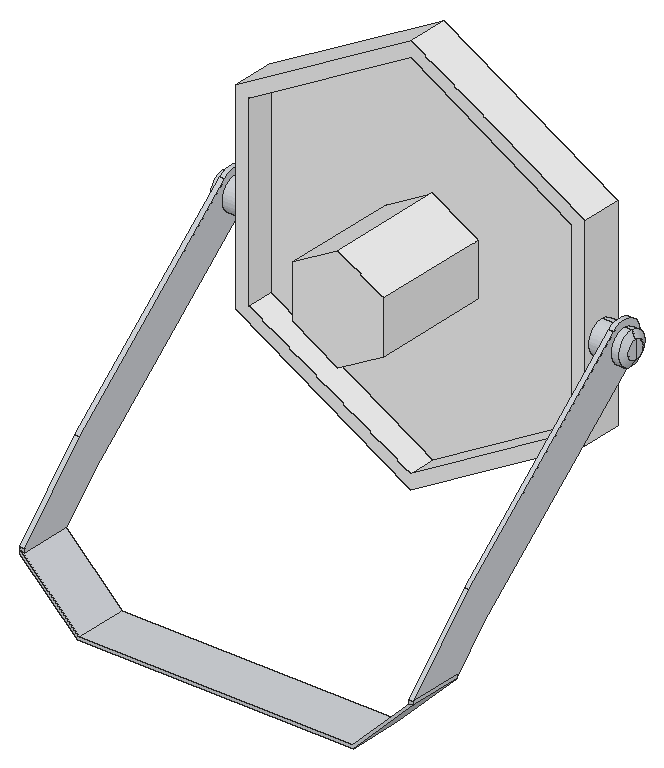
Revit family "Lighting-Proiezione-GEWISS-ESALITE-FL-PROIETTORI-LED_12K_DALI", category Apparecchi per illuminazione, host Superficie, Revit 2019 (continued)
Types (12, lengths in mm): name | Versioni | Temperatura di colore: | Scheda Tecnica | Ottica | built-in parameter 1150142 | Modello | Lumen output (lm) | IDT | Flusso nominale (lm) | File diagramma fotometrico | Descrizione
  GWS6425GD30K - ESALITE 12K ELL.3000K PRO+V GR.DALI | "Luce calda 3000K" | "3000 K (CRI>80)" | "https://www.gewiss.com/it/it/search?q=GWS6425GD30K" | "Ellittica" | "IESNA:LM-63-2002\r\n[TEST] GWS6425GD30K\r\n[TESTLAB] GEWISS\r\n[TESTDATE] 31 Aug 2018\r\n[ISSUEDATE] 31 Aug 2018\r\n[MANUFAC] GEWISS\r\n[LUMCAT] GWS6425GD30K\r\n[LUMINAIRE] ESALITE FL 12K+GLAS ELL. GR. DALI LED830\r\n[FLASHAREA] 0.030706\r\n[LAMPCAT] LED 112W/3000K - 11100lm\r\n[LAMP] LED 112W/3000K - 11100lm\r\nTILT=NONE\r\n1 11100.00 1.0 46 19 1 2 -0.402 -0.402 0.000\r\n1.00 1.00 112.00\r\n0.00 1.00 2.00 3.00 4.00 5.00 6.00 7.00 8.00 9.00 10.00 \r\n11.00 12.00 13.00 14.00 15.00 17.50 20.00 22.50 25.00 \r\n27.50 30.00 32.50 35.00 37.50 40.00 42.50 45.00 47.50 \r\n50.00 52.50 55.00 57.50 60.00 62.50 65.00 67.50 70.00 \r\n72.50 75.00 77.50 80.00 82.50 85.00 87.50 90.00 \r\n0.00 5.00 10.00 15.00 20.00 25.00 30.00 35.00 40.00 45.00 \r\n50.00 55.00 60.00 65.00 70.00 75.00 80.00 85.00 90.00 \r\n4426.35 4423.90 4426.24 4441.33 4480.85 4571.31 4719.83 \r\n4907.75 5087.57 5233.76 5302.36 5297.81 5281.71 5281.82 \r\n5289.93 5317.79 5419.80 5544.89 5709.62 5923.07 6246.75 \r\n6631.92 6684.09 6631.70 6616.49 6605.94 6587.07 6426.23 \r\n5937.06 5035.18 3806.97 2494.84 1431.23 923.01 938.54 \r\n1168.94 1002.56 570.28 378.42 299.00 223.98 170.50 122.01 \r\n69.98 24.27 1.61 \r\n4426.35 4426.90 4428.68 4442.55 4481.63 4569.98 4715.95 \r\n4902.76 5081.91 5229.65 5298.25 5294.70 5279.05 5275.50 \r\n5285.93 5313.90 5415.69 5546.67 5707.18 5920.74 6235.98 \r\n6607.16 6669.32 6635.69 6626.37 6626.48 6617.26 6477.74 \r\n5999.22 5078.47 3834.72 2502.83 1416.36 913.45 930.21 \r\n1158.51 990.43 557.04 353.95 265.87 199.83 152.19 101.30 \r\n54.00 19.07 1.59 \r\n4426.35 4427.46 4427.57 4440.33 4478.74 4563.10 4705.07 \r\n4889.66 5070.15 5218.55 5293.48 5294.48 5277.49 5273.39 \r\n5284.38 5310.46 5415.91 5551.22 5724.27 5944.83 6242.31 \r\n6578.19 6671.43 6680.98 6692.19 6705.73 6709.62 6592.62 \r\n6135.41 5205.12 3950.27 2595.29 1463.31 923.79 922.83 \r\n1155.40 979.10 545.70 342.42 254.83 190.96 138.73 90.70 \r\n50.28 18.43 1.58 \r\n4426.35 4426.24 4427.46 4437.34 4473.30 4553.33 4689.64 \r\n4868.90 5048.06 5204.12 5287.15 5295.48 5278.72 5273.50 \r\n5282.93 5311.35 5422.13 5570.42 5757.68 5989.12 6264.06 \r\n6566.20 6707.73 6764.45 6797.31 6815.07 6787.65 6648.12 \r\n6221.77 5359.97 4188.25 2903.98 1743.70 1035.37 921.83 \r\n1141.30 969.15 541.85 340.38 254.27 192.10 141.92 99.25 \r\n51.71 18.93 1.56 \r\n4426.35 4424.02 4425.79 4433.89 4465.86 4539.01 4666.33 \r\n4839.49 5017.31 5181.81 5282.27 5300.81 5284.38 5279.16 \r\n5287.15 5316.23 5431.78 5591.74 5792.42 6043.40 6311.35 \r\n6581.08 6756.13 6835.27 6848.81 6804.30 6664.44 6400.26 \r\n5986.67 5305.24 4342.99 3205.46 2082.03 1203.91 907.46 \r\n1077.90 954.82 529.49 328.96 251.32 187.55 139.32 96.22 \r\n57.52 22.54 1.54 \r\n4426.35 4425.79 4426.90 4434.56 4461.87 4527.69 4646.57 \r\n4811.96 4987.34 5158.06 5277.38 5315.79 5305.80 5297.03 \r\n5304.02 5332.55 5455.54 5628.03 5840.15 6100.67 6358.64 \r\n6570.98 6705.95 6703.29 6575.97 6333.88 5954.26 5461.64 \r\n4912.08 4330.22 3607.61 2706.85 1789.65 1076.26 793.74 \r\n933.77 886.46 497.75 318.39 243.59 178.10 122.40 79.54 \r\n49.97 23.67 1.51 \r\n4426.35 4426.90 4428.68 4435.12 4456.76 4513.15 4618.71 \r\n4772.89 4944.16 5122.32 5261.29 5327.11 5326.67 5318.45 \r\n5320.90 5345.65 5464.75 5637.02 5843.37 6070.81 6246.41 \r\n6306.58 6238.64 5982.01 5556.44 5004.77 4353.97 3673.21 \r\n3018.20 2435.78 1952.38 1510.49 1120.88 838.82 695.63 \r\n751.27 735.05 442.48 302.70 230.16 166.13 110.90 72.34 \r\n44.69 18.39 1.48 \r\n4426.35 4426.90 4427.57 4431.01 4450.21 4497.94 4590.52 \r\n4732.04 4897.54 5078.14 5235.98 5332.55 5350.42 5340.99 \r\n5338.66 5357.19 5464.86 5619.26 5770.78 5870.23 5828.94 \r\n5591.96 5183.37 4584.85 3867.13 3132.09 2447.22 1882.56 \r\n1487.96 1251.19 1136.08 1077.94 1002.29 872.80 714.11 \r\n612.58 546.73 390.56 285.55 219.78 159.84 113.93 74.21 \r\n44.00 17.62 1.42 \r\n4426.35 4425.13 4427.46 4428.57 4443.66 4484.73 4561.10 \r\n4686.75 4840.60 5018.20 5191.14 5314.46 5361.41 5357.53 \r\n5348.31 5360.52 5439.89 5530.80 5543.01 5399.93 5038.29 \r\n4440.00 3718.28 2938.39 2228.88 1695.08 1350.43 1179.49 \r\n1130.09 1125.98 1128.32 1122.54 1090.13 984.51 804.47 \r\n605.48 455.64 355.09 278.08 218.96 163.54 123.44 82.72 \r\n43.96 16.88 1.36 \r\n4426.35 4427.46 4427.46 4429.79 4441.44 4475.30 4539.90 \r\n4643.69 4784.65 4954.26 5134.31 5285.71 5370.18 5386.50 \r\n5371.84 5367.18 5389.83 5357.08 5146.51 4693.08 3994.22 \r\n3146.29 2349.43 1755.24 1383.17 1194.47 1124.65 1126.43 \r\n1153.85 1177.15 1191.14 1191.70 1180.71 1114.88 954.67 \r\n746.48 535.43 385.85 293.16 225.27 168.23 125.93 87.04 \r\n45.58 16.26 1.29 \r\n4426.35 4426.35 4425.13 4426.90 4435.56 4461.09 4512.59 \r\n4594.73 4712.28 4866.80 5040.51 5211.89 5331.66 5383.83 \r\n5375.06 5351.31 5281.71 5070.15 4592.74 3831.83 2913.75 \r\n2063.71 1523.36 1253.86 1142.19 1120.32 1126.10 1147.52 \r\n1183.48 1214.12 1229.10 1233.77 1229.10 1205.02 1134.42 \r\n1016.77 774.17 494.80 327.82 238.77 174.45 125.87 82.10 \r\n43.94 16.49 1.22 \r\n4426.35 4426.90 4426.90 4427.46 4435.56 4458.20 4499.27 \r\n4562.54 4656.45 4789.32 4951.04 5127.31 5275.27 5371.51 \r\n5387.16 5348.98 5147.40 4718.94 3977.35 2991.56 2054.94 \r\n1463.76 1212.01 1127.87 1120.32 1133.64 1144.63 1162.61 \r\n1192.25 1219.00 1225.33 1219.45 1214.89 1222.33 1267.95 \r\n1308.91 1039.09 628.22 386.66 269.01 192.53 143.41 90.71 \r\n47.86 17.15 1.14 \r\n4426.35 4424.57 4425.79 4425.79 4433.34 4450.77 4480.96 \r\n4529.24 4597.73 4700.63 4838.93 5009.32 5170.38 5304.69 \r\n5363.19 5322.34 4973.58 4323.12 3372.96 2295.37 1534.91 \r\n1245.31 1140.19 1119.32 1132.09 1147.18 1154.18 1158.28 \r\n1172.16 1184.92 1181.37 1163.39 1150.63 1186.48 1320.90 \r\n1478.41 1185.81 689.47 419.40 289.68 205.07 145.59 95.32 \r\n50.55 18.28 1.09 \r\n4426.35 4425.13 4426.35 4427.46 4436.23 4453.65 4482.07 \r\n4517.48 4566.87 4639.47 4744.69 4889.33 5048.50 5200.68 \r\n5293.59 5285.38 4819.73 3953.26 2851.70 1803.42 1305.47 \r\n1207.90 1145.85 1132.98 1144.08 1156.29 1156.18 1147.52 \r\n1143.52 1144.74 1135.97 1121.99 1116.77 1164.39 1343.43 \r\n1548.78 1223.55 700.27 438.91 297.34 203.00 148.31 96.36 \r\n50.43 18.23 1.07 \r\n4426.35 4424.02 4424.57 4425.68 4435.01 4451.32 4476.41 \r\n4502.60 4535.79 4580.08 4649.35 4754.13 4886.89 5030.85 \r\n5140.96 5162.06 4657.56 3618.27 2437.67 1510.82 1244.31 \r\n1247.75 1176.16 1151.18 1156.40 1162.17 1155.29 1137.75 \r\n1122.54 1119.66 1119.77 1116.88 1118.55 1174.05 1385.28 \r\n1621.82 1264.40 732.11 477.28 318.24 206.13 141.43 90.83 \r\n49.28 18.79 1.06 \r\n4426.35 4424.02 4424.57 4424.02 4434.45 4450.77 4471.64 \r\n4493.61 4515.70 4540.57 4575.97 4633.92 4715.17 4820.73 \r\n4913.97 4945.83 4485.73 3347.32 2141.30 1363.19 1255.63 \r\n1313.80 1208.68 1163.95 1161.06 1162.17 1152.96 1131.98 \r\n1111.11 1108.83 1119.88 1126.21 1130.87 1190.92 1423.91 \r\n1681.21 1321.68 795.10 542.42 350.48 225.50 143.03 96.82 \r\n50.24 19.46 1.09 \r\n4426.35 4426.35 4425.68 4426.90 4439.00 4456.43 4478.41 \r\n4499.27 4517.26 4534.13 4549.78 4572.31 4602.50 4650.57 \r\n4696.96 4706.73 4316.12 3210.90 2008.32 1322.12 1309.91 \r\n1393.27 1240.31 1184.15 1176.60 1170.83 1158.62 1137.75 \r\n1115.22 1110.55 1126.21 1138.97 1146.52 1213.67 1463.31 \r\n1733.38 1370.63 865.33 643.15 435.08 273.45 157.81 95.64 \r\n48.44 18.93 1.13 \r\n4426.35 4424.57 4424.57 4426.35 4437.45 4457.32 4476.63 \r\n4498.16 4515.04 4528.47 4534.24 4535.35 4534.02 4525.25 \r\n4510.37 4474.52 4142.41 3214.34 1984.35 1316.24 1364.30 \r\n1466.42 1270.17 1199.47 1190.14 1175.38 1157.29 1136.75 \r\n1120.55 1114.77 1125.21 1140.41 1153.18 1228.66 1493.39 \r\n1765.34 1430.35 953.15 724.15 575.66 383.27 197.59 81.72 \r\n46.18 17.80 1.18 \r\n4426.35 4422.80 4422.80 4425.13 4435.56 4454.21 4475.19 \r\n4494.94 4510.04 4521.70 4527.58 4524.03 4510.15 4479.96 \r\n4432.34 4364.96 4050.06 3223.44 1967.14 1307.25 1381.51 \r\n1488.51 1274.50 1200.13 1188.48 1169.94 1150.18 1129.20 \r\n1117.55 1114.11 1122.21 1133.87 1152.40 1232.99 1502.61 \r\n1772.56 1449.11 1001.83 775.77 652.74 458.42 199.31 78.79 \r\n46.35 17.58 1.17 \r\n" | "GWS6425GD30K" | "11100" | "e70a72d96b654087bec8b3378da9b599" | "14000" | "GWS6425GD30K.IES" | "ESALITE 12K ELL.3000K PRO+V GR.DALI"
  GWS6425GD57K - ESALITE 12K ELL.5700K PRO+V GR.DALI | "Luce fredda 5700K" | "5700 K (CRI>80)" | "https://www.gewiss.com/it/it/search?q=GWS6425GD57K" | "Ellittica" | "IESNA:LM-63-2002\r\n[TEST] GWS6425GD57K\r\n[TESTLAB] GEWISS\r\n[TESTDATE] 31 Aug 2018\r\n[ISSUEDATE] 31 Aug 2018\r\n[MANUFAC] GEWISS\r\n[LUMCAT] GWS6425GD57K\r\n[LUMINAIRE] ESALITE FL 12K+GLAS ELL. GR. DALI LED857\r\n[FLASHAREA] 0.030706\r\n[LAMPCAT] LED 112W/5700K - 11900lm\r\n[LAMP] LED 112W/5700K - 11900lm\r\nTILT=NONE\r\n1 11900.00 1.0 46 19 1 2 -0.402 -0.402 0.000\r\n1.00 1.00 112.00\r\n0.00 1.00 2.00 3.00 4.00 5.00 6.00 7.00 8.00 9.00 10.00 \r\n11.00 12.00 13.00 14.00 15.00 17.50 20.00 22.50 25.00 \r\n27.50 30.00 32.50 35.00 37.50 40.00 42.50 45.00 47.50 \r\n50.00 52.50 55.00 57.50 60.00 62.50 65.00 67.50 70.00 \r\n72.50 75.00 77.50 80.00 82.50 85.00 87.50 90.00 \r\n0.00 5.00 10.00 15.00 20.00 25.00 30.00 35.00 40.00 45.00 \r\n50.00 55.00 60.00 65.00 70.00 75.00 80.00 85.00 90.00 \r\n4745.36 4742.74 4745.24 4761.43 4803.79 4900.78 5060.00 \r\n5261.47 5454.25 5610.97 5684.51 5679.63 5662.38 5662.50 \r\n5671.18 5701.05 5810.41 5944.53 6121.12 6349.96 6696.96 \r\n7109.89 7165.82 7109.66 7093.35 7082.05 7061.82 6889.39 \r\n6364.95 5398.08 4081.34 2674.64 1534.39 989.53 1006.18 \r\n1253.19 1074.82 611.39 405.69 320.55 240.12 182.78 130.80 \r\n75.02 26.02 1.72 \r\n4745.36 4745.96 4747.86 4762.74 4804.63 4899.35 5055.83 \r\n5256.11 5448.18 5606.57 5680.11 5676.30 5659.52 5655.71 \r\n5666.90 5696.89 5806.01 5946.43 6118.50 6347.46 6685.42 \r\n7083.36 7150.00 7113.94 7103.94 7104.06 7094.18 6944.60 \r\n6431.59 5444.49 4111.09 2683.21 1518.44 979.29 997.26 \r\n1242.00 1061.81 597.19 379.46 285.03 214.24 163.16 108.60 \r\n57.89 20.45 1.71 \r\n4745.36 4746.55 4746.67 4760.36 4801.53 4891.97 5044.17 \r\n5242.07 5435.56 5594.67 5674.99 5676.06 5657.86 5653.45 \r\n5665.23 5693.20 5806.25 5951.31 6136.83 6373.28 6692.20 \r\n7052.30 7152.26 7162.49 7174.51 7189.03 7193.19 7067.77 \r\n6577.61 5580.27 4234.97 2782.34 1568.78 990.37 989.34 \r\n1238.67 1049.66 585.03 367.10 273.20 204.73 148.73 97.24 \r\n53.90 19.76 1.69 \r\n4745.36 4745.24 4746.55 4757.14 4795.70 4881.50 5027.63 \r\n5219.82 5411.88 5579.20 5668.21 5677.13 5659.16 5653.57 \r\n5663.69 5694.15 5812.91 5971.90 6172.65 6420.76 6715.53 \r\n7039.44 7191.17 7251.98 7287.20 7306.24 7276.85 7127.27 \r\n6670.19 5746.27 4490.11 3113.28 1869.37 1110.00 988.27 \r\n1223.56 1039.00 580.90 364.91 272.59 205.94 152.15 106.40 \r\n55.44 20.30 1.68 \r\n4745.36 4742.86 4744.77 4753.45 4787.73 4866.15 5002.64 \r\n5188.28 5378.92 5555.28 5662.97 5682.85 5665.23 5659.64 \r\n5668.21 5699.39 5823.27 5994.74 6209.90 6478.96 6766.22 \r\n7055.39 7243.05 7327.90 7342.42 7294.70 7144.76 6861.54 \r\n6418.15 5687.61 4655.99 3436.48 2232.08 1290.67 972.86 \r\n1155.59 1023.64 567.65 352.67 269.43 201.06 149.36 103.15 \r\n61.66 24.16 1.65 \r\n4745.36 4744.77 4745.96 4754.17 4783.44 4854.01 4981.46 \r\n5158.77 5346.79 5529.81 5657.74 5698.91 5688.20 5678.80 \r\n5686.30 5716.88 5848.73 6033.66 6261.07 6540.36 6816.92 \r\n7044.56 7189.27 7186.41 7049.92 6790.38 6383.40 5855.28 \r\n5266.11 4642.31 3867.62 2901.93 1918.64 1153.82 850.95 \r\n1001.06 950.35 533.62 341.34 261.15 190.94 131.22 85.27 \r\n53.57 25.38 1.62 \r\n4745.36 4745.96 4747.86 4754.76 4777.97 4838.42 4951.59 \r\n5116.88 5300.50 5491.49 5640.48 5711.05 5710.57 5701.77 \r\n5704.38 5730.92 5858.61 6043.30 6264.52 6508.35 6696.61 \r\n6761.10 6688.28 6413.15 5956.90 5365.47 4667.78 3937.95 \r\n3235.73 2611.34 2093.09 1619.35 1201.66 899.27 745.76 \r\n805.42 788.03 474.37 324.51 246.75 178.11 118.89 77.55 \r\n47.91 19.71 1.59 \r\n4745.36 4745.96 4746.67 4750.36 4770.95 4822.12 4921.36 \r\n5073.09 5250.52 5444.13 5613.35 5716.88 5736.04 5725.92 \r\n5723.42 5743.30 5858.73 6024.26 6186.69 6293.32 6249.05 \r\n5994.98 5556.94 4915.30 4145.84 3357.82 2623.59 2018.24 \r\n1595.20 1341.37 1217.96 1155.63 1074.52 935.71 765.57 \r\n656.73 586.13 418.71 306.13 235.62 171.36 122.14 79.56 \r\n47.17 18.89 1.52 \r\n4745.36 4744.05 4746.55 4747.74 4763.93 4807.96 4889.83 \r\n5024.54 5189.47 5379.87 5565.27 5697.48 5747.82 5743.65 \r\n5733.78 5746.87 5831.95 5929.41 5942.50 5789.11 5401.41 \r\n4760.00 3986.26 3150.17 2389.52 1817.25 1447.75 1264.49 \r\n1211.54 1207.14 1209.63 1203.45 1168.70 1055.47 862.45 \r\n649.12 488.48 380.68 298.12 234.74 175.32 132.34 88.68 \r\n47.12 18.10 1.45 \r\n4745.36 4746.55 4746.55 4749.05 4761.55 4797.84 4867.10 \r\n4978.37 5129.49 5311.33 5504.35 5666.66 5757.22 5774.71 \r\n5759.01 5754.01 5778.28 5743.18 5517.43 5031.32 4282.10 \r\n3373.05 2518.75 1881.75 1482.86 1280.56 1205.71 1207.61 \r\n1237.01 1261.99 1276.99 1277.58 1265.80 1195.24 1023.47 \r\n800.27 574.02 413.66 314.29 241.51 180.36 135.01 93.32 \r\n48.86 17.43 1.38 \r\n4745.36 4745.36 4744.05 4745.96 4755.24 4782.61 4837.83 \r\n4925.89 5051.91 5217.56 5403.79 5587.53 5715.93 5771.86 \r\n5762.46 5736.99 5662.38 5435.56 4923.74 4108.00 3123.75 \r\n2212.45 1633.16 1344.22 1224.51 1201.07 1207.26 1230.22 \r\n1268.78 1301.62 1317.69 1322.69 1317.69 1291.86 1216.18 \r\n1090.05 829.97 530.47 351.44 255.98 187.02 134.95 88.02 \r\n47.10 17.68 1.31 \r\n4745.36 4745.96 4745.96 4746.55 4755.24 4779.52 4823.55 \r\n4891.38 4992.05 5134.49 5307.88 5496.85 5655.48 5758.65 \r\n5775.43 5734.49 5518.39 5059.05 4264.01 3207.17 2203.05 \r\n1569.25 1299.36 1209.16 1201.07 1215.35 1227.13 1246.41 \r\n1278.18 1306.86 1313.64 1307.33 1302.46 1310.43 1359.34 \r\n1403.25 1113.98 673.49 414.52 288.40 206.41 153.75 97.24 \r\n51.31 18.39 1.23 \r\n4745.36 4743.46 4744.77 4744.77 4752.86 4771.54 4803.91 \r\n4855.68 4929.10 5039.41 5187.69 5370.35 5543.02 5687.01 \r\n5749.72 5705.93 5332.03 4634.69 3616.05 2460.80 1645.53 \r\n1335.06 1222.37 1200.00 1213.68 1229.87 1237.36 1241.76 \r\n1256.64 1270.33 1266.52 1247.24 1233.55 1271.99 1416.10 \r\n1584.96 1271.28 739.16 449.63 310.55 219.85 156.08 102.19 \r\n54.19 19.60 1.16 \r\n4745.36 4744.05 4745.36 4746.55 4755.95 4774.64 4805.10 \r\n4843.06 4896.02 4973.84 5086.65 5241.71 5412.36 5575.51 \r\n5675.11 5666.30 5167.10 4238.18 3057.23 1933.39 1399.56 \r\n1294.96 1228.44 1214.63 1226.53 1239.62 1239.50 1230.22 \r\n1225.94 1227.25 1217.85 1202.85 1197.26 1248.31 1440.26 \r\n1660.41 1311.74 750.74 470.54 318.77 217.63 159.00 103.30 \r\n54.07 19.55 1.15 \r\n4745.36 4742.86 4743.46 4744.65 4754.65 4772.14 4799.03 \r\n4827.12 4862.70 4910.18 4984.43 5096.77 5239.09 5393.44 \r\n5511.48 5534.10 4993.24 3879.04 2613.36 1619.71 1333.99 \r\n1337.68 1260.92 1234.15 1239.74 1245.93 1238.55 1219.75 \r\n1203.45 1200.35 1200.47 1197.38 1199.16 1258.66 1485.12 \r\n1738.71 1355.53 784.88 511.68 341.17 220.98 151.62 97.37 \r\n52.83 20.15 1.14 \r\n4745.36 4742.86 4743.46 4742.86 4754.05 4771.54 4793.91 \r\n4817.48 4841.16 4867.81 4905.78 4967.89 5055.00 5168.17 \r\n5268.13 5302.28 4809.03 3588.56 2295.63 1461.44 1346.13 \r\n1408.48 1295.79 1247.83 1244.74 1245.93 1236.05 1213.56 \r\n1191.19 1188.75 1200.59 1207.37 1212.37 1276.75 1526.53 \r\n1802.37 1416.93 852.41 581.52 375.74 241.75 153.34 103.80 \r\n53.86 20.87 1.17 \r\n4745.36 4745.36 4744.65 4745.96 4758.93 4777.61 4801.17 \r\n4823.55 4842.82 4860.91 4877.69 4901.85 4934.22 4985.74 \r\n5035.48 5045.96 4627.20 3442.31 2153.07 1417.41 1404.32 \r\n1493.69 1329.71 1269.49 1261.40 1255.21 1242.12 1219.75 \r\n1195.59 1190.60 1207.37 1221.06 1229.15 1301.15 1568.78 \r\n1858.30 1469.41 927.70 689.50 466.43 293.16 169.18 102.53 \r\n51.94 20.30 1.21 \r\n4745.36 4743.46 4743.46 4745.36 4757.26 4778.56 4799.27 \r\n4822.36 4840.44 4854.84 4861.03 4862.22 4860.79 4851.39 \r\n4835.45 4797.01 4440.96 3446.00 2127.36 1411.10 1462.63 \r\n1572.11 1361.72 1285.91 1275.92 1260.09 1240.69 1218.68 \r\n1201.31 1195.12 1206.30 1222.61 1236.29 1317.21 1601.03 \r\n1892.58 1533.43 1021.84 776.34 617.15 410.90 211.83 87.61 \r\n49.51 19.08 1.27 \r\n4745.36 4741.56 4741.56 4744.05 4755.24 4775.23 4797.72 \r\n4818.90 4835.09 4847.58 4853.89 4850.08 4835.21 4802.84 \r\n4751.79 4679.56 4341.95 3455.76 2108.92 1401.46 1481.07 \r\n1595.79 1366.36 1286.63 1274.13 1254.26 1233.08 1210.59 \r\n1198.09 1194.40 1203.09 1215.59 1235.46 1321.85 1610.90 \r\n1900.31 1553.55 1074.03 831.68 699.78 491.46 213.68 84.47 \r\n49.69 18.84 1.26 \r\n" | "GWS6425GD57K" | "11900" | "2df79d5331094aef822ba53e97536c19" | "15000" | "GWS6425GD57K.IES" | "ESALITE 12K ELL.5700K PRO+V GR.DALI"
